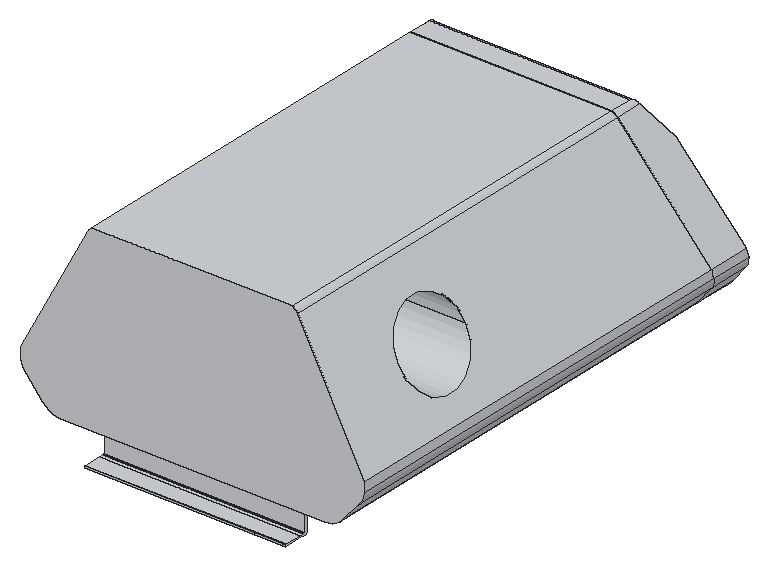
Revit family "Building-ElectricalVehicleCharging-GEWISS-JOINON-ION_WALL_MOUNTING", category Apparecchi elettrici, host Superficie, Revit 2019
Family settings
  Host = Superficie
  Mantenere orientamento annotazione = No
  Quota connettore circolare = Usa diametro
  Tipo di parte = Normale
  Taglio con vuoti quando caricato = No
  Condiviso = No
  Punto di calcolo locali = No
Parameters (values of type "GWJ2123W - WB JOINON RFID 22 kW 1xT2S+SC IP55 - 3G")
  Â Power supply (2 separate lines) = ""
  sp_y [instance] = 3306.156 mm
  sp_x [instance] = 2013.885 mm
  sp_effettivo_y [instance] = 4000 mm - sp_y  # 693.844 mm
  sp_effettivo_x [instance] = 4000 mm - sp_x  # 1986.115 mm
  bordo_simbolo [instance] = yes
  Version file RFA = "19.4"
  URL = "https://www.gewiss.com/ww/en"
  Type of residual current protection = "Currently not present"
  Total power: = "25 Chilowatt"
  Thermal-magnetic protection = "Currently not present"
  Terminal blocks: = "1 x (5 x 10 mm²) + 1 x (3 x 6 mm²)"
  Surface treatment = ""
  Socket/Connector Nr. (Type) = "1 (Type 2 vandal-proof socket, with shutters) + 1 (Type F)"
  Simbolo in pianta = yes
  Shock resistance = "IK10"
  Realized by GEWISS S.p.A. = ""
  Rated voltage = "400 Volt"
  Rated insulation voltage (Ui) = "400 Volt"
  Rated current: = "42 Ampere"
  RFID Reader = "Yes"
  Protection : = "No"
  Default Elevation = 1219.2 mm
  Produttore = "GEWISS S.p.A."
  Power meter = "YES (MID)"
  Power max. = "22 kW per socket (2,3 kW for type F)"
  Operating temperature: = "-25 +50 °C"
  OUTPUT : = "-"
  N. of sockets Type 2 = "1 (+1 domestic socket Type F)"
  Mouting and installation = "Wall mount"
  Modello = "GWJ2123W"
  Mechanical characteristics = "-"
  Maximum power per socket = ""
  Maximum current per socket = ""
  Material = "Steel sheet"
  Installation type = ""
  Input current = ""
  Immagine tipo = ION_PARETE.jpg
  IP degree = "IP54"
  INPUT: = "-"
  IDF = "47e6e16a-4526-4f48-a0f5-6d7f2c90a600"
  Human Interface = "LED RGB and TFT Display"
  External treatments = "Anti-corrosion and anti-graffiti"
  External colour = ""
  Electrocod = ""
  Descrizione = "WB JOINON RFID 22 kW 1xT2S+SC IP55 - 3G"
  DC Leakage check = "Currently not present"
  Customizations: = "Yes (front)"
  Current supplied (max) = "32 A per socket (10 A for Type F)"
  Connectivity: = "LAN,WIFI,4G"
  Connectivity = ""
  Comunication = "Ethernet Kit and 4G Modem with booster antenna"
  Colour = "Grey, Headboard RAL 7011"
  Charging sockets (EN 62196) = ""
  Charging power = "22 kW + 2,3 kW"
  Charging mode (EN 61851) : = ""
  Charging activation = "Remotely managed, via OCPP 1.6J"
  COBie.Tagnumber = ""
  COBie.CreatedOn = ""
  COBie.CreatebBy = ""
  COBie.ComponentRegisterItemID = ""
  COBie.Component.TagNumber = ""
  COBie.Component.Space = ""
  COBie.Component.SerialNumber = ""
  COBie.Component.InstallationDate = ""
  COBie.Component.Description = ""
  COBie.Component.BarCode = ""
  (Auto)restart electrical protections = "Currently not present"
Types (17, lengths in mm): name | Â Power supply (2 separate lines) | Total power: | Terminal blocks: | Surface treatment | Socket/Connector Nr. (Type) | Rated voltage | Rated insulation voltage (Ui) | Rated current: | RFID Reader | Power meter | Power max. | N. of sockets Type 2 | Modello | Maximum power per socket | Maximum current per socket | Installation type | Input current | IP degree | External colour | Descrizione | Current supplied (max) | Connectivity: | Connectivity | Comunication | Charging sockets (EN 62196) | Charging power | Charging mode (EN 61851) : | Charging activation | (Auto)restart electrical protections
  (no name) | "Three-phase 35mm²" | "25 Chilowatt" | "1 x (5 x 10 mm²) + 1 x (3 x 6 mm²)" | "Anti-graffiti surface painting" | "1 (Type 2 vandal-proof socket, with shutters) + 1 (Type F)" | "400 Volt" | "400 Volt" | "42 Ampere" | "Yes" | "YES (MID)" | "22 kW per socket (2,3 kW for type F)" | "1 (+1 domestic socket Type F)" | "GWJ2123W" | "22 kW + 22 kW" | "32A + 32A" | "Wall or Pole" | "64 Ampere" | "IP54" | "Grey Chassis, Cap RAL7011" | "WB JOINON RFID 22 kW 1xT2S+SC IP55 - 3G" | "32 A per socket (10 A for Type F)" | "LAN,WIFI,4G" | "OCPP 1.6 SOAP" | "Ethernet Kit and 4G Modem with booster antenna" | "2 x Type 2" | "22 kW + 2,3 kW" | "Mode 3" | "Remotely managed, via OCPP 1.6J" | "Currently not present"
  GWJ2101A - WB JOINON AUTOSTART 7,4 kW 2xT2S IP55 | "Single-phase 35 mm²" | "15 Chilowatt" | "2 x (3 x 10 mm²)" | "Anti-graffiti surface painting" | "2 (Type 2 socket, with shutters)" | "230 Volt" | "230 Volt" | "64 Ampere" | "No" | "Currently not present" | "7,4 kW per socket" | "2" | "GWJ2101A" | "7,4 kW + 7,4 kW" | "32A + 32A" | "Wall or Pole" | "64 Ampere" | "IP55" | "Grey Chassis, Cap RAL7011" | "WB JOINON AUTOSTART 7,4 kW 2xT2S IP55" | "32 A per socket" | "No" | "" | "" | "2 x Type 2" | "7,4 kW + 7,4 kW" | "Mode 3" | "Free access" | "No"
  GWJ2101L - WB JOINON RFID 7,4 kW 2xT2S IP55 - ETH | "Single-phase 35 mm²" | "15 Chilowatt" | "2 x (3 x 10 mm²)" | "Anti-graffiti surface painting" | "2 (Type 2 vandal-proof socket, with shutters)" | "230 Volt" | "230 Volt" | "64 Ampere" | "Yes" | "YES (MID)" | "7,4 kW per socket" | "2" | "GWJ2101L" | "7,4 kW + 7,4 kW" | "32A + 32A" | "Wall or Pole" | "64 Ampere" | "IP55" | "Grey Chassis, Cap RAL7011" | "WB JOINON RFID 7,4 kW 2xT2S IP55 - ETH" | "32 A per socket" | "LAN" | "OCPP 1.6 SOAP" | "Ethernet kit" | "2 x Type 2" | "7,4 kW + 7,4 kW" | "Mode 3" | "Remotely managed, via OCPP 1.6J" | "Currently not present"
  GWJ2101R - WB JOINON RFID 7,4 kW 2xT2S IP55 | "Single-phase 35 mm²" | "15 Chilowatt" | "2 x (3 x 10 mm²)" | "Anti-graffiti surface painting" | "2 (Type 2 vandal-proof socket, with shutters)" | "230 Volt" | "230 Volt" | "64 Ampere" | "Yes" | "YES (MID)" | "7,4 kW per socket" | "2" | "GWJ2101R" | "7,4 kW + 7,4 kW" | "32A + 32A" | "Wall or Pole" | "64 Ampere" | "IP55" | "Grey Chassis, Cap RAL7011" | "WB JOINON RFID 7,4 kW 2xT2S IP55" | "32 A per socket" | "No" | "" | "" | "2 x Type 2" | "7,4 kW + 7,4 kW" | "Mode 3" | "Locally managed, via RFID" | "Currently not present"
  GWJ2101W - WB JOINON RFID 7,4 kW 2xT2S IP55 - 3G | "Single-phase 35 mm²" | "15 Chilowatt" | "2 x (3 x 10 mm²)" | "Anti-graffiti surface painting" | "2 (Type 2 vandal-proof socket, with shutters)" | "230 Volt" | "230 Volt" | "64 Ampere" | "Yes" | "YES (MID)" | "7,4 kW per socket" | "2" | "GWJ2101W" | "7,4 kW + 7,4 kW" | "32A + 32A" | "Wall or Pole" | "64 Ampere" | "IP55" | "Grey Chassis, Cap RAL7011" | "WB JOINON RFID 7,4 kW 2xT2S IP55 - 3G" | "32 A per socket" | "LAN,WIFI,4G" | "OCPP 1.6 SOAP" | "Ethernet Kit and 4G Modem with booster antenna" | "2 x Type 2" | "7,4 kW + 7,4 kW" | "Mode 3" | "Remotely managed, via OCPP 1.6J" | "Currently not present"
  GWJ2102A - WB JOINON AUTOSTART 11 kW 2xT2S IP55 | "Three-phase 35mm²" | "22 Chilowatt" | "2 x (5 x 10 mm²)" | "Anti-graffiti surface painting" | "2 (Type 2 socket, with shutters)" | "400 Volt" | "400 Volt" | "32 Ampere" | "No" | "Currently not present" | "11 kW per socket" | "2" | "GWJ2102A" | "11 kW + 11 kW" | "16A + 16A" | "Wall or Pole" | "32 Ampere" | "IP55" | "Grey Chassis, Cap RAL7011" | "WB JOINON AUTOSTART 11 kW 2xT2S IP55" | "16 A per socket" | "No" | "" | "" | "2 x Type 2" | "11 kW + 11 kW" | "Mode 3" | "Free access" | "Currently not present"
  GWJ2102L - WB JOINON RFID 11 kW 2xT2S IP55 - ETH | "Three-phase 35mm²" | "22 Chilowatt" | "2 x (5 x 10 mm²)" | "Anti-graffiti surface painting" | "2 (Type 2 vandal-proof socket, with shutters)" | "400 Volt" | "400 Volt" | "32 Ampere" | "Yes" | "YES (MID)" | "11 kW per socket" | "2" | "GWJ2102L" | "11 kW + 11 kW" | "16A + 16A" | "Wall or Pole" | "32 Ampere" | "IP55" | "Grey Chassis, Cap RAL7011" | "WB JOINON RFID 11 kW 2xT2S IP55 - ETH" | "16 A per socket" | "LAN" | "OCPP 1.6 SOAP" | "Ethernet kit" | "2 x Type 2" | "11 kW + 11 kW" | "Mode 3" | "Remotely managed, via OCPP 1.6J" | "Currently not present"
  GWJ2102R - WB JOINON RFID 11 kW 2xT2S IP55 | "Three-phase 35mm²" | "22 Chilowatt" | "2 x (5 x 10 mm²)" | "Anti-graffiti surface painting" | "2 (Type 2 vandal-proof socket, with shutters)" | "400 Volt" | "400 Volt" | "32 Ampere" | "Yes" | "YES (MID)" | "11 kW per socket" | "2" | "GWJ2102R" | "11 kW + 11 kW" | "16A + 16A" | "Wall or Pole" | "32 Ampere" | "IP55" | "Grey Chassis, Cap RAL7011" | "WB JOINON RFID 11 kW 2xT2S IP55" | "16 A per socket" | "No" | "" | "" | "2 x Type 2" | "11 kW + 11 kW" | "Mode 3" | "Locally managed, via RFID" | "Currently not present"
  GWJ2102W - WB JOINON RFID 11 kW 2xT2S IP55 - 3G | "Three-phase 35mm²" | "22 Chilowatt" | "2 x (5 x 10 mm²)" | "Anti-graffiti surface painting" | "2 (Type 2 vandal-proof socket, with shutters)" | "400 Volt" | "400 Volt" | "32 Ampere" | "Yes" | "YES (MID)" | "11 kW per socket" | "2" | "GWJ2102W" | "11 kW + 11 kW" | "16A + 16A" | "Wall or Pole" | "32 Ampere" | "IP55" | "Grey Chassis, Cap RAL7011" | "WB JOINON RFID 11 kW 2xT2S IP55 - 3G" | "16 A per socket" | "LAN,WIFI,4G" | "OCPP 1.6 SOAP" | "Ethernet Kit and 4G Modem with booster antenna" | "2 x Type 2" | "11 kW + 11 kW" | "Mode 3" | "Remotely managed, via OCPP 1.6J" | "Currently not present"
  GWJ2103A - WB JOINON AUTOSTART 22 kW 2xT2S IP55 | "Three-phase 35mm²" | "44 Chilowatt" | "2 x (5 x 10 mm²)" | "Anti-graffiti surface painting" | "2 (Type 2 socket, with shutters)" | "400 Volt" | "400 Volt" | "64 Ampere" | "No" | "Currently not present" | "22 kW per socket" | "2" | "GWJ2103A" | "22 kW + 22 kW" | "32A + 32A" | "Wall or Pole" | "64 Ampere" | "IP55" | "Grey Chassis, Cap RAL7011" | "WB JOINON AUTOSTART 22 kW 2xT2S IP55" | "32 A per socket" | "No" | "" | "" | "2 x Type 2" | "22 kW + 22 kW" | "Mode 3" | "Free access" | "Currently not present"
  GWJ2103L - WB JOINON RFID 22 kW 2xT2S IP55 - ETH | "Three-phase 35mm²" | "44 Chilowatt" | "2 x (5 x 10 mm²)" | "Anti-graffiti surface painting" | "2 (Type 2 vandal-proof socket, with shutters)" | "400 Volt" | "400 Volt" | "64 Ampere" | "Yes" | "YES (MID)" | "22 kW per socket" | "2" | "GWJ2103L" | "22 kW + 22 kW" | "32A + 32A" | "Wall or Pole" | "64 Ampere" | "IP55" | "Grey Chassis, Cap RAL7011" | "WB JOINON RFID 22 kW 2xT2S IP55 - ETH" | "32 A per socket" | "LAN" | "OCPP 1.6 SOAP" | "Ethernet kit" | "2 x Type 2" | "22 kW + 22 kW" | "Mode 3" | "Remotely managed, via OCPP 1.6J" | "Currently not present"
  GWJ2103R - WB JOINON RFID 22 kW 2xT2S IP55 | "Three-phase 35mm²" | "44 Chilowatt" | "2 x (5 x 10 mm²)" | "Anti-graffiti surface painting" | "2 (Type 2 vandal-proof socket, with shutters)" | "400 Volt" | "400 Volt" | "64 Ampere" | "Yes" | "YES (MID)" | "22 kW per socket" | "2" | "GWJ2103R" | "22 kW + 22 kW" | "32A + 32A" | "Wall or Pole" | "64 Ampere" | "IP55" | "Grey Chassis, Cap RAL7011" | "WB JOINON RFID 22 kW 2xT2S IP55" | "32 A per socket" | "No" | "" | "" | "2 x Type 2" | "22 kW + 22 kW" | "Mode 3" | "Locally managed, via RFID" | "Currently not present"
  GWJ2103W - WB JOINON RFID 22 kW 2xT2S IP55 - 3G | "Three-phase 35mm²" | "44 Chilowatt" | "2 x (5 x 10 mm²)" | "Anti-graffiti surface painting" | "2 (Type 2 vandal-proof socket, with shutters)" | "400 Volt" | "400 Volt" | "64 Ampere" | "Yes" | "YES (MID)" | "22 kW per socket" | "2" | "GWJ2103W" | "22 kW + 22 kW" | "32A + 32A" | "Wall or Pole" | "64 Ampere" | "IP55" | "Grey Chassis, Cap RAL7011" | "WB JOINON RFID 22 kW 2xT2S IP55 - 3G" | "32 A per socket" | "LAN,WIFI,4G" | "OCPP 1.6 SOAP" | "Ethernet Kit and 4G Modem with booster antenna" | "2 x Type 2" | "22 kW + 22 kW" | "Mode 3" | "Remotely managed, via OCPP 1.6J" | "Currently not present"
  GWJ2121R - WB JOINON RFID 7,4 kW 1xT2S+SC IP55 | "" | "10 Chilowatt" | "1 x (3 x 10 mm²) + 1 x (3 x 6 mm²)" | "" | "1 (Type 2 vandal-proof socket, with shutters) + 1 (Type F)" | "230 Volt" | "230 Volt" | "42 Ampere" | "Yes" | "YES (MID)" | "7,4 kW per socket (2,3 kW for type F)" | "1 (+1 domestic socket Type F)" | "GWJ2121R" | "" | "" | "" | "" | "IP54" | "" | "WB JOINON RFID 7,4 kW 1xT2S+SC IP55" | "32 A per socket (10 A for Type F)" | "No" | "" | "" | "" | "7,4 kW + 2,3 kW" | "" | "Locally managed, via RFID" | "Currently not present"
  GWJ2123R - WB JOINON RFID 22 kW 1xT2S+SC IP55 | "" | "25 Chilowatt" | "1 x (5 x 10 mm²) + 1 x (3 x 6 mm²)" | "" | "1 (Type 2 vandal-proof socket, with shutters) + 1 (Type F)" | "400 Volt" | "400 Volt" | "42 Ampere" | "Yes" | "YES (MID)" | "22 kW per socket (2,3 kW for type F)" | "1 (+1 domestic socket Type F)" | "GWJ2123R" | "" | "" | "" | "" | "IP54" | "" | "WB JOINON RFID 22 kW 1xT2S+SC IP55" | "32 A per socket (10 A for Type F)" | "No" | "" | "" | "" | "22 kW + 2,3 kW" | "" | "Locally managed, via RFID" | "Currently not present"
  GWJ2121W - WB JOINON RFID 7,4 kW 1xT2S+SC IP55 - 3G | "" | "10 Chilowatt" | "1 x (3 x 10 mm²) + 1 x (3 x 6 mm²)" | "" | "1 (Type 2 vandal-proof socket, with shutters) + 1 (Type F)" | "230 Volt" | "230 Volt" | "42 Ampere" | "Yes" | "YES (MID)" | "7,4 kW per socket (2,3 kW for type F)" | "1 (+1 domestic socket Type F)" | "GWJ2121W" | "" | "" | "" | "" | "IP54" | "" | "WB JOINON RFID 7,4 kW 1xT2S+SC IP55 - 3G" | "32 A per socket (10 A for Type F)" | "LAN,WIFI,4G" | "" | "Ethernet Kit and 4G Modem with booster antenna" | "" | "7,4 kW + 2,3 kW" | "" | "Remotely managed, via OCPP 1.6J" | "Currently not present"
  GWJ2123W - WB JOINON RFID 22 kW 1xT2S+SC IP55 - 3G | "" | "25 Chilowatt" | "1 x (5 x 10 mm²) + 1 x (3 x 6 mm²)" | "" | "1 (Type 2 vandal-proof socket, with shutters) + 1 (Type F)" | "400 Volt" | "400 Volt" | "42 Ampere" | "Yes" | "YES (MID)" | "22 kW per socket (2,3 kW for type F)" | "1 (+1 domestic socket Type F)" | "GWJ2123W" | "" | "" | "" | "" | "IP54" | "" | "WB JOINON RFID 22 kW 1xT2S+SC IP55 - 3G" | "32 A per socket (10 A for Type F)" | "LAN,WIFI,4G" | "" | "Ethernet Kit and 4G Modem with booster antenna" | "" | "22 kW + 2,3 kW" | "" | "Remotely managed, via OCPP 1.6J" | "Currently not present"
Reference planes
  plane 1 "Centro (Fronte/Retro)": y = 0
  plane 2: z = 0
  plane 3 "Centro (Sinistra/Destra)": x = 0
  plane 4: x = -1986.115
  plane 5: y = -693.844
  plane 6: x = 0
  plane 7: y = 0
Dimensions and locks
  plane 4 to plane 3 "Centro (Sinistra/Destra)" = 1986.115 mm
  "sp_effettivo_x": plane 4 to plane 6
  plane 1 "Centro (Fronte/Retro)" to plane 5 = 693.844 mm
  "sp_effettivo_y": plane 7 to plane 5
  aligned and locked: plane 2 to host face
  aligned and locked: level to host face
  aligned and locked: plane 3 "Centro (Sinistra/Destra)" to nested 1
  aligned and locked: plane 6 to nested 2
  aligned and locked: nested 2 to plane 7
Automatic sketch dimensions
  host sketch curve to host sketch curve = 2438.4 mm  (x2)
Nested families
  nested 1: "wall" at (0, -100, 0), type "wall"
  nested 2: "simb_torretta" at (0, 0, 0), Visibilita' simbolo <- "Simbolo in pianta", Bordo simbolo <- "bordo_simbolo", type "simb_torretta"
    with Visibilita' simbolo yes, Bordo simbolo yes
Definition of nested family "wall"
  Parameters (values of type "wall")
    s = 430 mm
  Reference planes
    plane 1 "Centro (Fronte/Retro)": y = 0
    plane 2: z = 0
    plane 3 "Centro (Sinistra/Destra)": x = 0
    plane 4: x = -215
    plane 5: x = 215
    plane 6: x = -108.884
    plane 7: x = 321.116
  Forms (mm)
    Extrusion 1, solid
      sketch origin (0, 0, 0) x (0, 1, 0) y (0, 0, 1)
        loop
          line (320.67, 30.739) -> (365.899, 30.739)
          arc (365.899, 30.739) -> (370.664, 33.093) -> (371.69, 38.308) r 6
          line (371.69, 38.308) -> (369.397, 46.865) -> (362.849, 71.304) -> (355.696, 97.998) -> (325.146, 212.013)
          arc (325.146, 212.013) -> (324.788, 212.995) -> (324.266, 213.901) r 6
          line (324.266, 213.901) -> (297.761, 251.753) -> (292.56, 259.181)
          arc (292.56, 259.181) -> (290.416, 261.061) -> (287.645, 261.739) r 6
          line (287.645, 261.739) -> (258.774, 261.739) -> (320.67, 30.739)
      from -215 to 215
    Extrusion 2, void
      sketch origin (0, 0, 0) x (1, 0, 0) y (0, 0, 1)
        loop
          line (-215, 265.836) -> (-215, 96.799) -> (-130.803, 255.15)
          arc (-130.803, 255.15) -> (-123.441, 262.957) -> (-113.103, 265.836) r 20.002
          line (-113.103, 265.836) -> (-215, 265.836)
      from -385.124 to -245.285
    Extrusion 3, void
      sketch origin (0, 0, 0) x (1, 0, 0) y (0, 0, 1)
        loop
          line (-215, 84.809) -> (-215, 15.72) -> (-164.527, 15.72) -> (170.662, 15.72) -> (215, 15.72) -> (215, 84.809)
          arc (215, 84.809) -> (212.323, 76.409) -> (207.319, 69.15) r 30.002
          line (207.319, 69.15) -> (187.507, 45.474)
          arc (187.507, 45.474) -> (177.196, 37.566) -> (164.509, 34.76) r 30.002
          line (164.509, 34.76) -> (-163.79, 34.615)
          arc (-163.79, 34.615) -> (-176.663, 37.491) -> (-187.089, 45.57) r 30.254
          line (-187.089, 45.57) -> (-207.319, 69.15)
          arc (-207.319, 69.15) -> (-212.323, 76.409) -> (-215, 84.809) r 30.002
      from -395.704 to -259.895
    Extrusion 4, void
      sketch origin (0, 0, 0) x (-1, 0, 0) y (0, 0, -1)
        loop
          line (-215, -265.836) -> (-113.103, -265.836)
          arc (-113.103, -265.836) -> (-123.441, -262.957) -> (-130.803, -255.15) r 20.002
          line (-130.803, -255.15) -> (-215, -96.799) -> (-215, -265.836)
      from -385.124 to -245.285
    Extrusion 5, solid
      sketch origin (0, 0, 0) x (1, 0, 0) y (0, 0, 1)
        loop
          line (125.232, 261.739) -> (-125.232, 261.739)
          arc (-125.232, 261.739) -> (-128.377, 258.749) -> (-130.803, 255.15) r 20.002
          line (-130.803, 255.15) -> (-215, 96.799) -> (-215, 84.815)
          spline (-215, 84.815) -> (-214.732, 83.372) -> (-214.392, 81.942) -> (-213.981, 80.531) -> (-213.501, 79.14) -> (-212.951, 77.773) -> (-212.334, 76.433) -> (-211.651, 75.123) -> (-210.904, 73.847) -> (-210.093, 72.607) -> (-209.222, 71.406) -> (-208.291, 70.247) -> (-207.304, 69.133)
          line (-207.304, 69.133) -> (-186.899, 45.349)
          spline (-186.899, 45.349) -> (-185.475, 43.764) -> (-183.935, 42.284) -> (-182.287, 40.915) -> (-180.541, 39.666) -> (-178.706, 38.543) -> (-176.79, 37.551) -> (-174.806, 36.697) -> (-172.762, 35.985) -> (-170.67, 35.418) -> (-168.54, 34.999) -> (-166.385, 34.731) -> (-164.216, 34.615)
          line (-164.216, 34.615) -> (164.962, 34.759)
          spline (164.962, 34.759) -> (167.12, 34.875) -> (169.264, 35.143) -> (171.382, 35.561) -> (173.463, 36.128) -> (175.495, 36.84) -> (177.469, 37.693) -> (179.372, 38.683) -> (181.196, 39.804) -> (182.93, 41.051) -> (184.565, 42.417) -> (186.093, 43.894) -> (187.505, 45.475)
          line (187.505, 45.475) -> (207.308, 69.137)
          spline (207.308, 69.137) -> (208.295, 70.251) -> (209.224, 71.409) -> (210.095, 72.61) -> (210.905, 73.85) -> (211.653, 75.126) -> (212.336, 76.435) -> (212.952, 77.775) -> (213.501, 79.141) -> (213.982, 80.532) -> (214.392, 81.943) -> (214.732, 83.372) -> (215, 84.815)
          line (215, 84.815) -> (215, 96.799) -> (130.803, 255.15)
          arc (130.803, 255.15) -> (128.377, 258.749) -> (125.232, 261.739) r 20.002
      from -402.043 to 237.9
    Extrusion 6, void
      sketch origin (0, 0, 0) x (0, 1, 0) y (0, 0, 1)
        loop
          line (402.043, 0) -> (402.043, 290) -> (251.202, 290) -> (328.907, 0) -> (402.043, 0)
      from -373.812 to 250
    Extrusion 7, solid
      sketch origin (0, 0, 1.5) x (0, 1, 0) y (0, 0, 1)
        loop
          line (-187.168, 26.839) -> (-182.168, 26.839) -> (-182.168, 28.839) -> (-187.168, 28.839) -> (-216.668, 28.839)
          arc (-216.668, 28.839) -> (-218.435, 28.107) -> (-219.168, 26.339) r 2.5
          line (-219.168, 26.339) -> (-219.168, -0.661)
          arc (-219.168, -0.661) -> (-219.314, -1.014) -> (-219.668, -1.161) r 0.5
          line (-219.668, -1.161) -> (-222.097, -1.161) -> (-225.632, -1.161) -> (-247.703, -1.161) -> (-249.168, -1.161) -> (-249.168, -3.161) -> (-247.703, -3.161) -> (-225.632, -3.161) -> (-222.097, -3.161) -> (-219.668, -3.161)
          arc (-219.668, -3.161) -> (-217.9, -2.428) -> (-217.168, -0.661) r 2.5
          line (-217.168, -0.661) -> (-217.168, 26.339)
          arc (-217.168, 26.339) -> (-217.021, 26.693) -> (-216.668, 26.839) r 0.5
          line (-216.668, 26.839) -> (-187.168, 26.839)
        loop
          line (289.832, 1.339) -> (289.832, 26.339)
          arc (289.832, 26.339) -> (289.1, 28.107) -> (287.332, 28.839) r 2.5
          line (287.332, 28.839) -> (255.832, 28.839) -> (254.832, 28.839) -> (254.832, 26.839) -> (255.832, 26.839) -> (287.332, 26.839)
          arc (287.332, 26.839) -> (287.686, 26.693) -> (287.832, 26.339) r 0.5
          line (287.832, 26.339) -> (287.832, 1.339)
          arc (287.832, 1.339) -> (287.686, 0.986) -> (287.332, 0.839) r 0.5
          line (287.332, 0.839) -> (278.832, 0.839) -> (277.832, 0.839) -> (267.832, 0.839) -> (255.832, 0.839) -> (254.832, 0.839) -> (253.332, 0.839) -> (250.832, 0.839) -> (250.832, -1.161) -> (253.332, -1.161) -> (254.832, -1.161) -> (255.832, -1.161) -> (267.832, -1.161) -> (277.832, -1.161) -> (278.832, -1.161) -> (287.332, -1.161)
          arc (287.332, -1.161) -> (289.1, -0.428) -> (289.832, 1.339) r 2.5
      from -125.232 to 125.232
    Extrusion 8, solid, not visible
      sketch origin (0, 0, 0) x (0, 1, 0) y (0, 0, 1)
        loop
          line (-187.168, 26.839) -> (-182.168, 26.839) -> (-182.168, 28.839) -> (-187.168, 28.839) -> (-216.668, 28.839)
          arc (-216.668, 28.839) -> (-218.435, 28.107) -> (-219.168, 26.339) r 2.5
          line (-219.168, 26.339) -> (-219.168, -0.661)
          arc (-219.168, -0.661) -> (-219.314, -1.014) -> (-219.668, -1.161) r 0.5
          line (-219.668, -1.161) -> (-222.097, -1.161) -> (-225.632, -1.161) -> (-247.703, -1.161) -> (-249.168, -1.161) -> (-249.168, -3.161) -> (-247.703, -3.161) -> (-225.632, -3.161) -> (-222.097, -3.161) -> (-219.668, -3.161)
          arc (-219.668, -3.161) -> (-217.9, -2.428) -> (-217.168, -0.661) r 2.5
          line (-217.168, -0.661) -> (-217.168, 26.339)
          arc (-217.168, 26.339) -> (-217.021, 26.693) -> (-216.668, 26.839) r 0.5
          line (-216.668, 26.839) -> (-187.168, 26.839)
        loop
          line (289.832, 1.339) -> (289.832, 26.339)
          arc (289.832, 26.339) -> (289.1, 28.107) -> (287.332, 28.839) r 2.5
          line (287.332, 28.839) -> (255.832, 28.839) -> (254.832, 28.839) -> (254.832, 26.839) -> (255.832, 26.839) -> (287.332, 26.839)
          arc (287.332, 26.839) -> (287.686, 26.693) -> (287.832, 26.339) r 0.5
          line (287.832, 26.339) -> (287.832, 1.339)
          arc (287.832, 1.339) -> (287.686, 0.986) -> (287.332, 0.839) r 0.5
          line (287.332, 0.839) -> (278.832, 0.839) -> (277.832, 0.839) -> (267.832, 0.839) -> (255.832, 0.839) -> (254.832, 0.839) -> (253.332, 0.839) -> (250.832, 0.839) -> (250.832, -1.161) -> (253.332, -1.161) -> (254.832, -1.161) -> (255.832, -1.161) -> (267.832, -1.161) -> (277.832, -1.161) -> (278.832, -1.161) -> (287.332, -1.161)
          arc (287.332, -1.161) -> (289.1, -0.428) -> (289.832, 1.339) r 2.5
      from -125.232 to 125.232
    Extrusion 9, void
      sketch origin (0, 0, 0) x (0, 1, 0) y (0, 0, 1)
        loop
          spline (-138.168, 170.455) -> (-136.362, 158.343) -> (-131.067, 147.057) -> (-122.644, 137.365) -> (-111.668, 129.928) -> (-98.885, 125.253) -> (-85.168, 123.659) -> (-71.45, 125.253) -> (-58.668, 129.928) -> (-47.691, 137.365) -> (-39.268, 147.057) -> (-33.974, 158.343) -> (-32.168, 170.455)
          spline (-32.168, 170.455) -> (-33.974, 182.567) -> (-39.268, 193.853) -> (-47.691, 203.545) -> (-58.668, 210.982) -> (-71.45, 215.657) -> (-85.168, 217.251) -> (-98.885, 215.657) -> (-111.668, 210.982) -> (-122.644, 203.545) -> (-131.067, 193.853) -> (-136.362, 182.567) -> (-138.168, 170.455)
      from 0 to 250
    Extrusion 10, void
      sketch origin (0, 0, 0) x (0, 1, 0) y (0, 0, -1)
        loop
          spline (-138.168, -170.455) -> (-136.362, -182.567) -> (-131.067, -193.853) -> (-122.644, -203.545) -> (-111.668, -210.982) -> (-98.885, -215.657) -> (-85.168, -217.251) -> (-71.45, -215.657) -> (-58.668, -210.982) -> (-47.691, -203.545) -> (-39.268, -193.853) -> (-33.974, -182.567) -> (-32.168, -170.455)
          spline (-32.168, -170.455) -> (-33.974, -158.343) -> (-39.268, -147.057) -> (-47.691, -137.365) -> (-58.668, -129.928) -> (-71.45, -125.253) -> (-85.168, -123.659) -> (-98.885, -125.253) -> (-111.668, -129.928) -> (-122.644, -137.365) -> (-131.067, -147.057) -> (-136.362, -158.343) -> (-138.168, -170.455)
      from 54.978 to 373.812
  Cuts and joins
    Extrusion 2, Extrusion 3, Extrusion 4 cuts Extrusion 1
    Extrusion 6, Extrusion 9, Extrusion 10 cuts Extrusion 5
  Dimensions and locks
    equal spacing: plane 5, plane 3 "Centro (Sinistra/Destra)", plane 4
    "s": plane 5 to plane 4
    level to Extrusion 1 = 261.739 mm
    locked: plane 3 "Centro (Sinistra/Destra)" to cut or joined group of Extrusion 5, Extrusion 6, Extrusion 9, Extrusion 10 at 54.978
    aligned and locked: level to plane 2
    aligned and locked: Extrusion 1 to plane 4
    aligned and locked: plane 5 to Extrusion 1
    aligned and locked: Extrusion 3 sketch curve to plane 4
    aligned and locked: Extrusion 7 to cut or joined group of Extrusion 1, Extrusion 2, Extrusion 3, Extrusion 4  (x2)
  Automatic sketch dimensions
    Extrusion 7 sketch curve to Extrusion 7 sketch curve = 0 mm  (x23)
    Extrusion 7 sketch curve to Extrusion 7 sketch curve = 1.464 mm  (x2)
    Extrusion 7 sketch curve to Extrusion 7 sketch curve = 22.071 mm
    Extrusion 7 sketch curve to Extrusion 7 sketch curve = 3.536 mm
    Extrusion 7 sketch curve to Extrusion 7 sketch curve = 2.429 mm
    Extrusion 7 sketch curve to Extrusion 7 sketch curve = 0.5 mm  (x4)
    Extrusion 7 sketch curve to Extrusion 7 sketch curve = 29.5 mm
    Extrusion 7 sketch curve to Extrusion 7 sketch curve = 5 mm
    Extrusion 7 sketch curve to Extrusion 7 sketch curve = 2.5 mm
    Extrusion 7 sketch curve to Extrusion 7 sketch curve = 1.5 mm  (x3)
    Extrusion 7 sketch curve to Extrusion 7 sketch curve = 1 mm  (x6)
    Extrusion 7 sketch curve to Extrusion 7 sketch curve = 12 mm
    Extrusion 7 sketch curve to Extrusion 7 sketch curve = 10 mm
    Extrusion 7 sketch curve to Extrusion 7 sketch curve = 8.5 mm
    Extrusion 7 sketch curve to Extrusion 7 sketch curve = 25 mm
    Extrusion 7 sketch curve to Extrusion 7 sketch curve = 2 mm  (x2)
    Extrusion 7 sketch curve to Extrusion 7 sketch curve = 433 mm
    Extrusion 7 sketch curve to Extrusion 7 sketch curve = 27 mm
    Extrusion 8 sketch curve to Extrusion 8 sketch curve = 0 mm  (x23)
    Extrusion 8 sketch curve to Extrusion 8 sketch curve = 1.464 mm  (x2)
    Extrusion 8 sketch curve to Extrusion 8 sketch curve = 22.071 mm
    Extrusion 8 sketch curve to Extrusion 8 sketch curve = 3.536 mm
    Extrusion 8 sketch curve to Extrusion 8 sketch curve = 2.429 mm
    Extrusion 8 sketch curve to Extrusion 8 sketch curve = 0.5 mm  (x4)
    Extrusion 8 sketch curve to Extrusion 8 sketch curve = 29.5 mm
    Extrusion 8 sketch curve to Extrusion 8 sketch curve = 5 mm
    Extrusion 8 sketch curve to Extrusion 8 sketch curve = 2.5 mm
    Extrusion 8 sketch curve to Extrusion 8 sketch curve = 1.5 mm  (x3)
    Extrusion 8 sketch curve to Extrusion 8 sketch curve = 1 mm  (x6)
    Extrusion 8 sketch curve to Extrusion 8 sketch curve = 12 mm
    Extrusion 8 sketch curve to Extrusion 8 sketch curve = 10 mm
    Extrusion 8 sketch curve to Extrusion 8 sketch curve = 8.5 mm
    Extrusion 8 sketch curve to Extrusion 8 sketch curve = 25 mm
    Extrusion 8 sketch curve to Extrusion 8 sketch curve = 2 mm  (x2)
    Extrusion 8 sketch curve to Extrusion 8 sketch curve = 433 mm
    Extrusion 8 sketch curve to Extrusion 8 sketch curve = 27 mm
    Extrusion 1 sketch curve to plane 1 "Centro (Fronte/Retro)" = 258.774 mm
    Extrusion 1 sketch curve to Extrusion 1 sketch curve = 28.871 mm
    Extrusion 1 sketch curve to Extrusion 1 sketch curve = 4.915 mm  (x2)
    Extrusion 1 sketch curve to Extrusion 1 sketch curve = 5.201 mm
    Extrusion 1 sketch curve to Extrusion 1 sketch curve = 21.589 mm
    level to Extrusion 1 sketch curve = 30.739 mm
    Extrusion 1 sketch curve to Extrusion 1 sketch curve = 1.32 mm
    level to Extrusion 1 sketch curve = 212.013 mm
    Extrusion 1 sketch curve to Extrusion 1 sketch curve = 0.881 mm
    level to Extrusion 1 sketch curve = 97.998 mm
    Extrusion 1 sketch curve to Extrusion 1 sketch curve = 35.026 mm
    level to Extrusion 1 sketch curve = 71.304 mm
    Extrusion 1 sketch curve to Extrusion 1 sketch curve = 7.153 mm
    Extrusion 1 sketch curve to Extrusion 1 sketch curve = 3.05 mm
    level to Extrusion 1 sketch curve = 46.865 mm
    Extrusion 1 sketch curve to Extrusion 1 sketch curve = 3.498 mm
    level to Extrusion 1 sketch curve = 38.308 mm
    Extrusion 1 sketch curve to Extrusion 1 sketch curve = 5.791 mm
    Extrusion 1 sketch curve to Extrusion 1 sketch curve = 1.553 mm
    Extrusion 1 sketch curve to Extrusion 1 sketch curve = 37.852 mm
    Extrusion 1 sketch curve to Extrusion 1 sketch curve = 3.986 mm
    Extrusion 1 sketch curve to Extrusion 1 sketch curve = 3.441 mm
    Extrusion 2 sketch curve to plane 4 = 0 mm
    Extrusion 2 sketch curve to plane 6 = 21.92 mm
    Extrusion 2 sketch curve to plane 6 = 4.22 mm  (x2)
    level to Extrusion 2 sketch curve = 96.799 mm
    Extrusion 2 sketch curve to Extrusion 2 sketch curve = 149.034 mm
    Extrusion 2 sketch curve to Extrusion 2 sketch curve = 9.316 mm
    Extrusion 2 sketch curve to Extrusion 2 sketch curve = 10.686 mm
    Extrusion 3 sketch curve to plane 5 = 0 mm
    plane 4 to Extrusion 3 sketch curve = 7.681 mm
    plane 4 to Extrusion 3 sketch curve = 27.911 mm
    plane 4 to Extrusion 3 sketch curve = 29.614 mm
    level to Extrusion 3 sketch curve = 15.72 mm
    Extrusion 3 sketch curve to Extrusion 3 sketch curve = 22.562 mm
    Extrusion 3 sketch curve to Extrusion 3 sketch curve = 23.299 mm
    Extrusion 3 sketch curve to plane 5 = 50.491 mm
    Extrusion 3 sketch curve to Extrusion 3 sketch curve = 0.018 mm
    Extrusion 3 sketch curve to Extrusion 3 sketch curve = 6.153 mm
    Extrusion 3 sketch curve to plane 5 = 29.614 mm
    Extrusion 3 sketch curve to Extrusion 3 sketch curve = 22.998 mm
    Extrusion 3 sketch curve to plane 5 = 7.681 mm
    Extrusion 3 sketch curve to Extrusion 3 sketch curve = 18.895 mm
    Extrusion 3 sketch curve to Extrusion 3 sketch curve = 19.039 mm
    Extrusion 3 sketch curve to Extrusion 3 sketch curve = 10.714 mm
    Extrusion 3 sketch curve to Extrusion 3 sketch curve = 10.955 mm
    Extrusion 3 sketch curve to Extrusion 3 sketch curve = 23.58 mm
    Extrusion 3 sketch curve to Extrusion 3 sketch curve = 23.677 mm
    Extrusion 3 sketch curve to Extrusion 3 sketch curve = 15.659 mm  (x2)
    Extrusion 4 sketch curve to plane 5 = 0 mm
    plane 5 to Extrusion 4 sketch curve = 84.197 mm
    Extrusion 4 sketch curve to Extrusion 4 sketch curve = 17.7 mm
    Extrusion 4 sketch curve to level = 96.799 mm
    Extrusion 4 sketch curve to Extrusion 4 sketch curve = 149.034 mm
    Extrusion 4 sketch curve to Extrusion 4 sketch curve = 9.316 mm
    Extrusion 4 sketch curve to Extrusion 4 sketch curve = 10.686 mm
    Extrusion 4 sketch curve to Extrusion 4 sketch curve = 0 mm
    Extrusion 5 sketch curve to plane 4 = 0 mm
    Extrusion 5 sketch curve to plane 5 = 0 mm
    plane 4 to Extrusion 5 sketch curve = 7.696 mm
    plane 4 to Extrusion 5 sketch curve = 28.101 mm
    Extrusion 5 sketch curve to Extrusion 5 sketch curve = 22.684 mm
    Extrusion 5 sketch curve to plane 6 = 21.92 mm
    Extrusion 5 sketch curve to Extrusion 5 sketch curve = 5.571 mm  (x2)
    Extrusion 5 sketch curve to plane 6 = 4.22 mm
    Extrusion 5 sketch curve to plane 5 = 101.897 mm
    Extrusion 5 sketch curve to Extrusion 5 sketch curve = 12.129 mm
    Extrusion 5 sketch curve to plane 5 = 50.038 mm
    Extrusion 5 sketch curve to Extrusion 5 sketch curve = 22.544 mm
    Extrusion 5 sketch curve to plane 5 = 7.692 mm
    level to Extrusion 5 sketch curve = 34.615 mm
    level to Extrusion 5 sketch curve = 34.759 mm
    Extrusion 5 sketch curve to Extrusion 5 sketch curve = 10.734 mm
    Extrusion 5 sketch curve to Extrusion 5 sketch curve = 10.717 mm
    Extrusion 5 sketch curve to Extrusion 5 sketch curve = 23.783 mm
    Extrusion 5 sketch curve to Extrusion 5 sketch curve = 23.661 mm
    Extrusion 5 sketch curve to Extrusion 5 sketch curve = 15.678 mm
    Extrusion 5 sketch curve to Extrusion 5 sketch curve = 15.682 mm
    Extrusion 5 sketch curve to Extrusion 5 sketch curve = 11.984 mm  (x2)
    Extrusion 5 sketch curve to Extrusion 5 sketch curve = 149.034 mm  (x2)
    Extrusion 5 sketch curve to Extrusion 5 sketch curve = 9.316 mm
    Extrusion 5 sketch curve to plane 4 = 0.37 mm
    Extrusion 5 sketch curve to Extrusion 5 sketch curve = 13.789 mm
    Extrusion 5 sketch curve to Extrusion 5 sketch curve = 9.645 mm
    Extrusion 5 sketch curve to Extrusion 5 sketch curve = 0.563 mm
    Extrusion 5 sketch curve to Extrusion 5 sketch curve = 0.567 mm
    Extrusion 5 sketch curve to Extrusion 5 sketch curve = 23.438 mm
    Extrusion 5 sketch curve to Extrusion 5 sketch curve = 13.306 mm
    plane 5 to Extrusion 5 sketch curve = 0.37 mm
    Extrusion 6 sketch curve to level = 0 mm
    Extrusion 6 sketch curve to plane 1 "Centro (Fronte/Retro)" = 251.202 mm
    Extrusion 6 sketch curve to Extrusion 6 sketch curve = 77.705 mm
    Extrusion 6 sketch curve to Extrusion 6 sketch curve = 150.842 mm
    level to Extrusion 6 sketch curve = 290 mm
    plane 1 "Centro (Fronte/Retro)" to Extrusion 9 sketch curve = 138.168 mm
    level to Extrusion 9 sketch curve = 170.455 mm
    Extrusion 9 sketch curve to Extrusion 9 sketch curve = 53 mm
    plane 1 "Centro (Fronte/Retro)" to Extrusion 10 sketch curve = 138.168 mm
    level to Extrusion 10 sketch curve = 170.455 mm
    Extrusion 10 sketch curve to Extrusion 10 sketch curve = 53 mm
Definition of nested family "simb_torretta"
  Parameters (values of type "simb_torretta")
    Visibilita' simbolo [instance] = yes
    Bordo simbolo [instance] = yes
  Reference planes
    plane 1 "Centro (Fronte/Retro)": y = 0
    plane 2: z = 0
    plane 3 "Centro (Sinistra/Destra)": x = 0
  Lines and regions (mm)
    detail lines, in view "Livello rif.", visible <- "Bordo simbolo"
      curve 1: line (-96.5, 250, 0) -> (101.5, 250, 0)
      curve 2: line (101.5, 250, 0) -> (101.5, 0, 0)
      curve 3: line (101.5, 0, 0) -> (-96.5, 0, 0)
      curve 4: line (-96.5, 0, 0) -> (-96.5, 250, 0)
      curve 5: line (101.5, 125, 0) -> (91.744, 125, 0)
      curve 6: line (-79.833, 125, 0) -> (-96.5, 125, 0)
    detail lines, in view "Livello rif.", visible <- "Visibilita' simbolo"
      curve 7: line (63.369, 20.256, 0) -> (63.369, 0, 0)
      curve 9: line (-63.369, 20.256, 0) -> (63.369, 20.256, 0)
      curve 10: line (49.772, 20.256, 0) -> (49.772, 185.328, 0)
      curve 11: line (38.072, 197.028, 0) -> (-41.162, 197.028, 0)
      curve 12: line (-52.903, 185.287, 0) -> (-52.903, 20.256, 0)
      curve 13: line (31.542, 136.002, 0) -> (31.542, 177.347, 0)
      curve 14: line (31.542, 177.347, 0) -> (-34.673, 177.347, 0)
      curve 15: line (-34.673, 177.347, 0) -> (-34.673, 136.002, 0)
      curve 16: line (-34.673, 136.002, 0) -> (31.542, 136.002, 0)
      curve 17: line (84.479, 146.299, 0) -> (84.479, 42.731, 0)
      curve 18: line (66.859, 42.731, 0) -> (66.859, 121.971, 0)
      curve 19: line (66.859, 121.971, 0) -> (64.275, 127.282, 0)
      curve 20: line (64.275, 127.282, 0) -> (49.772, 132.307, 0)
      curve 21: line (98.652, 158.145, 0) -> (98.652, 180.875, 0)
      curve 22: line (98.652, 180.875, 0) -> (84.479, 180.875, 0)
      curve 23: line (84.479, 180.875, 0) -> (70.307, 180.875, 0)
      curve 24: line (70.307, 180.875, 0) -> (70.307, 158.145, 0)
      curve 25: line (77.215, 180.875, 0) -> (77.215, 197.35, 0)
      curve 26: line (91.744, 180.875, 0) -> (91.744, 197.35, 0)
      curve 27: line (12.372, 88.819, 0) -> (-11.307, 88.819, 0)
      curve 28: line (-11.307, 88.819, 0) -> (-11.307, 120.192, 0)
      curve 29: line (-11.307, 120.192, 0) -> (12.372, 120.192, 0)
      curve 30: line (-11.307, 105.861, 0) -> (3.96, 105.861, 0)
      curve 31: line (-14.807, 69.865, 0) -> (-1.566, 34.036, 0)
      curve 32: line (-1.566, 34.036, 0) -> (11.676, 69.865, 0)
      curve 33: line (-63.369, 20.256, 0) -> (-63.369, 0, 0)
      curve 34: line (-63.369, 0, 0) -> (63.369, 0, 0)
    detail lines, in view "Livello rif."
      curve 8: line (-96.5, 0, 0) -> (-96.5, 20.256, 0)
      curve 35: arc (-41.162, 197.028, 0) -> (-49.464, 193.589, 0) -> (-52.903, 185.287, 0) r 11.741
      curve 36: arc (49.772, 185.328, 0) -> (46.345, 193.601, 0) -> (38.072, 197.028, 0) r 11.7
      curve 37: arc (70.307, 158.145, 0) -> (84.479, 143.972, 0) -> (98.652, 158.145, 0) r 14.173
      curve 38: arc (66.859, 42.731, 0) -> (75.669, 33.921, 0) -> (84.479, 42.731, 0) r 8.81
